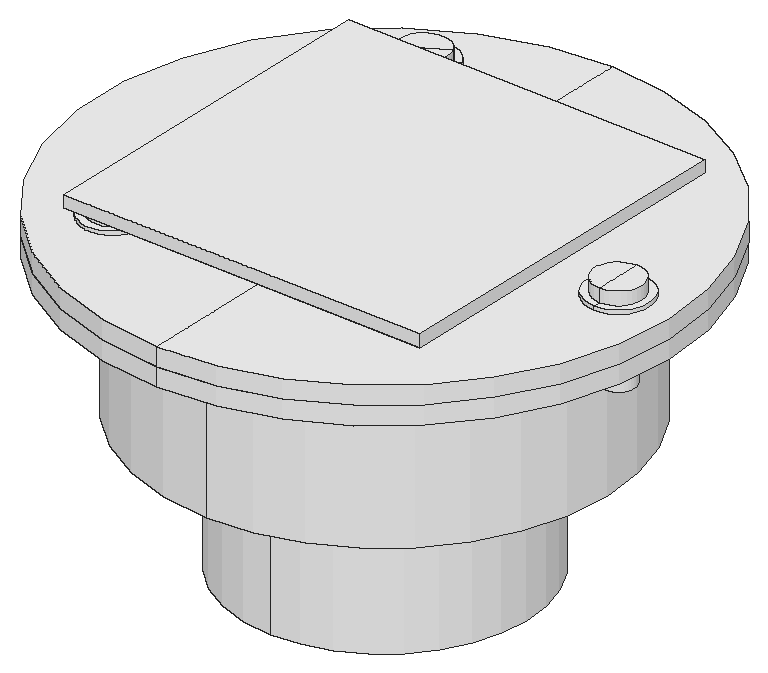
Revit family "F1100-C-S", category Plumbing Fixtures, host Face, Revit 2017
Family settings
  Host = Face
  Round Connector Dimension = Use Radius
  Part Type = Normal
  Cut with Voids When Loaded = No
  Shared = No
  Room Calculation Point = No
Parameters (values of type "5" X 5"  Strainer - 4" Drain")
  WFU = 0
  URL = "WWW.MIFAB.COM"
  Top Width = 0' - 5"
  Top Length = 0' - 5"
  Strainer Diameter = 0' - 6 15/16"
  Strainer Adjustment [instance] = 0' - 0 5/8"
  Pipe Radius = Pipe Diameter / 2  # 0' - 2"
  Pipe Diameter = 0' - 4"
  Model = "F1100-C-S"
  Manufacturer = "MIFAB"
  Floor Drain Material = Paint - Sherwin Williams Paint - #952C2A - Bellwood Red
  Domestic Cold Water Radius = 0' - 0 1/4"
  Domestic Cold Water Diameter = Domestic Cold Water Radius * 2  # 0' - 0 1/2"
  Description = "SQUARE FLOOR DRAIN"
  Default Elevation = 0' - 0"
  CWFU = 0
  Body Height = 0' - 4 1/4"
  Assembly Code = ""
Types (21): name | Top Width | Top Length | Strainer Adjustment | Pipe Radius | Pipe Diameter
  (no name) | 0' - 5" | 0' - 5" | 0' - 0 5/8" | 0' - 2" | 0' - 4"
  5" X 5"  Strainer - 2" Drain | 0' - 5" | 0' - 5" | 0' - 0 5/8" | 0' - 1" | 0' - 2"
  8" X 8"  Strainer - 3" Drain | 0' - 8" | 0' - 8" | 0' - 1 1/4" | 0' - 1 1/2" | 0' - 3"
  8" X 8"  Strainer - 5" Drain | 0' - 8" | 0' - 8" | 0' - 1 1/4" | 0' - 2 1/2" | 0' - 5"
  8" X 8"  Strainer - 6" Drain | 0' - 8" | 0' - 8" | 0' - 1 1/4" | 0' - 3" | 0' - 6"
  5" X 5"  Strainer - 6" Drain | 0' - 5" | 0' - 5" | 0' - 0 5/8" | 0' - 3" | 0' - 6"
  6" X 6"  Strainer - 6" Drain | 0' - 6" | 0' - 6" | 0' - 0 7/8" | 0' - 3" | 0' - 6"
  5" X 5"  Strainer - 3" Drain | 0' - 5" | 0' - 5" | 0' - 0 5/8" | 0' - 1 1/2" | 0' - 3"
  5" X 5"  Strainer - 4" Drain | 0' - 5" | 0' - 5" | 0' - 0 5/8" | 0' - 2" | 0' - 4"
  5" X 5"  Strainer - 5" Drain | 0' - 5" | 0' - 5" | 0' - 0 5/8" | 0' - 2 1/2" | 0' - 5"
  8" X 8"  Strainer - 2" Drain | 0' - 8" | 0' - 8" | 0' - 1 1/4" | 0' - 1" | 0' - 2"
  6" X 6"  Strainer - 3" Drain | 0' - 6" | 0' - 6" | 0' - 0 7/8" | 0' - 1 1/2" | 0' - 3"
  6" X 6"  Strainer - 4" Drain | 0' - 6" | 0' - 6" | 0' - 0 7/8" | 0' - 2" | 0' - 4"
  6" X 6"  Strainer - 5" Drain | 0' - 6" | 0' - 6" | 0' - 0 7/8" | 0' - 2 1/2" | 0' - 5"
  6" X 6"  Strainer - 2" Drain | 0' - 6" | 0' - 6" | 0' - 0 7/8" | 0' - 1" | 0' - 2"
  10" X 10"  Strainer - 2" Drain | 0' - 10" | 0' - 10" | 0' - 1 1/4" | 0' - 1" | 0' - 2"
  10" X 10"  Strainer - 3" Drain | 0' - 10" | 0' - 10" | 0' - 1 1/4" | 0' - 1 1/2" | 0' - 3"
  8" X 8"  Strainer - 4" Drain | 0' - 8" | 0' - 8" | 0' - 1 1/4" | 0' - 2" | 0' - 4"
  10" X 10"  Strainer - 4" Drain | 0' - 10" | 0' - 10" | 0' - 1 1/4" | 0' - 2" | 0' - 4"
  10" X 10"  Strainer - 5" Drain | 0' - 10" | 0' - 10" | 0' - 1 1/4" | 0' - 2 1/2" | 0' - 5"
  10" X 10"  Strainer - 6" Drain | 0' - 10" | 0' - 10" | 0' - 1 1/4" | 0' - 3" | 0' - 6"
Reference planes (in)
  plane 1 "Center (Front/Back)": y = 0
  plane 2: z = 0
  plane 3 "Center (Left/Right)": x = 0
  plane 4: z = -4.875
  plane 5: z = -0.625
  plane 6: z = 0
  plane 7: y = -3.46875
  plane 8: y = 3.46875
  plane 9: y = 4
  plane 10: y = -4
  plane 11: y = -2
  plane 12: y = 2
  plane 13: x = -2.5
  plane 14: x = 2.5
  plane 15: z = -0.26875
  plane 16: z = -0.625
  plane 17: z = -4.875
  plane 18: z = -0.16875
  plane 19: y = 2.5
  plane 20: y = -2.5
  plane 21: x = 4
  plane 22: x = -4.0364
Forms (in)
  Revolve 1, solid, material "Paint - Sherwin Williams Paint - #952C2A - Bellwood Red" <- "Floor Drain Material"
    sketch origin (0, 0.04396, 0) x (0, 1, 0) y (0, 0, 1)
      loop
        line (-2.97169, -0.625) -> (-4.04396, -0.625) -> (-4.04396, -0.88552) -> (-3.51271, -0.88552) -> (-3.16896, -1.28095) -> (-3.16896, -2.9118) -> (-2.04396, -3.49988) -> (-2.04396, -4.875) -> (-1.79396, -4.875) -> (-1.79396, -3.41404) -> (-2.97169, -2.57787) -> (-2.97169, -0.625)
      axis (-0.04396, -0.625) -> (-0.04396, -4.875)
    angle from 0 to 360
  Revolve 2, solid, material "Paint - Sherwin Williams Paint - #952C2A - Bellwood Red" <- "Floor Drain Material"
    sketch origin (3.23224, 3.35604, 1.30859) x (0, 1, 0) y (0, 0, 1)
      loop
        line (-3.29765, -1.45181) -> (-3.62527, -1.45181) -> (-3.62527, -1.63302) -> (-3.72878, -1.63302) -> (-3.72878, -1.68359) -> (-3.52524, -1.68359) -> (-3.52524, -2.77451) -> (-3.29765, -2.77451) -> (-3.29765, -1.45181)
      axis (-3.29765, -1.45181) -> (-3.29765, -2.77451)
    angle from 0 to 360
  Revolve 3, solid, material "Paint - Sherwin Williams Paint - #952C2A - Bellwood Red" <- "Floor Drain Material"
    sketch origin (0.66444, -3.66593, 1.30859) x (0.866025, -0.5, 0) y (0, 0, 1)
      loop
        line (-3.29765, -1.48102) -> (-3.62527, -1.48102) -> (-3.62527, -1.63302) -> (-3.72878, -1.63302) -> (-3.72878, -1.68359) -> (-3.52524, -1.68359) -> (-3.52524, -2.77451) -> (-3.29765, -2.77451) -> (-3.29765, -1.48102)
      axis (-3.29765, -1.48102) -> (-3.29765, -2.77451)
    angle from 0 to 360
  Revolve 4, solid, material "Paint - Sherwin Williams Paint - #952C2A - Bellwood Red" <- "Floor Drain Material"
    sketch origin (-4.52254, 1.12118, 1.30859) x (-0.866025, -0.5, 0) y (0, 0, 1)
      loop
        line (-3.29765, -1.48102) -> (-3.62527, -1.48102) -> (-3.62527, -1.63302) -> (-3.72878, -1.63302) -> (-3.72878, -1.68359) -> (-3.52524, -1.68359) -> (-3.52524, -2.77451) -> (-3.29765, -2.77451) -> (-3.29765, -1.48102)
      axis (-3.29765, -1.48102) -> (-3.29765, -2.77451)
    angle from 0 to 360
  Blend 5, solid, material "Paint - Sherwin Williams Paint - #952C2A - Bellwood Red" <- "Floor Drain Material"
    base sketch origin (0, 0, 0) x (1, 0, 0) y (0, 1, 0)
      loop
        arc (-0.84483, 1.68967) -> (-1.8891, 0) -> (-0.84483, -1.68967) r 1.8891
        arc (-0.84483, -1.68967) -> (0, -1.8891) -> (0.84483, -1.68967) r 1.8891
        arc (0.84483, -1.68967) -> (1.8891, 0) -> (0.84483, 1.68967) r 1.8891
        arc (0.84483, 1.68967) -> (0, 1.8891) -> (-0.84483, 1.68967) r 1.8891
    top sketch origin (0, 0, 0) x (1, 0, 0) y (0, 1, 0)
      loop
        line (-2.5, 2.5) -> (-2.5, -2.5) -> (2.5, -2.5) -> (2.5, 2.5) -> (-2.5, 2.5)
    from -0.26875 to -0.16875
  Extrusion 6, solid, material "Paint - Sherwin Williams Paint - #952C2A - Bellwood Red" <- "Floor Drain Material"
    sketch origin (0, 0, 0) x (1, 0, 0) y (0, 1, 0)
      loop
        line (-2.5, 2.5) -> (-2.5, -2.5) -> (2.5, -2.5) -> (2.5, 2.5) -> (-2.5, 2.5)
    from -0.16875 to 0
  Revolve 7, solid, material "Paint - Sherwin Williams Paint - #952C2A - Bellwood Red" <- "Floor Drain Material"
    sketch origin (0, 0, 0) x (0, 1, 0) y (0, 0, 1)
      loop
        line (4, -0.625) -> (4, -0.375) -> (1.07437, -0.375) -> (1.07437, -0.26875) -> (1.03263, -0.26875) -> (1.03263, -0.625) -> (4, -0.625)
      axis (0, -0.625) -> (0, -0.26875)
    angle from 0 to 360
Dimensions and locks (in)
  "Body Height": plane 5 to plane 4
  "Strainer Adjustment": plane 6 to plane 5
  equal spacing: plane 8, plane 1 "Center (Front/Back)", plane 7
  "Strainer Diameter": plane 8 to plane 7
  equal spacing: plane 9, plane 1 "Center (Front/Back)", plane 10
  plane 9 to plane 10 = 0' - 8"
  equal spacing: plane 12, plane 1 "Center (Front/Back)", plane 11
  "Pipe Diameter": plane 12 to plane 11
  "Pipe Radius": plane 1 "Center (Front/Back)" to plane 11
  equal spacing: plane 13, plane 3 "Center (Left/Right)", plane 14
  "Top Length": plane 13 to plane 14
  "Strainer Adjustment": level to plane 16
  "Body Height": plane 16 to plane 17
  level to plane 18 to plane 15 = 0' - 0.16875" locked, 0' - 0.1" locked
  equal spacing: plane 19, plane 1 "Center (Front/Back)", plane 20
  "Top Width": plane 19 to plane 20
  plane 22 to plane 21 = 0' - 8.0364"
  Revolve 1 sketch curve to Revolve 1 sketch curve to plane 10 = 0' - 0.19727", 0' - 0 7/8"
  Revolve 7 sketch curve to Revolve 7 sketch curve to plane 1 "Center (Front/Back)" = 0' - 0.04174" locked, 0' - 1.03263" locked
  aligned and locked: plane 2 to host face
  aligned and locked: level to host face
  aligned and locked: plane 5 to Revolve 1 sketch curve
  aligned and locked: Revolve 1 sketch curve to plane 11
  aligned and locked: plane 10 to Revolve 1 sketch curve
  aligned and locked: host face to plane 6
  aligned and locked: Blend 5 to plane 15
  aligned and locked: plane 18 to Blend 5
  aligned and locked: plane 20 to Blend 5 sketch curve
  aligned and locked: Blend 5 sketch curve to plane 19
  aligned and locked: Extrusion 6 sketch curve to plane 13
  aligned and locked: Extrusion 6 sketch curve to Blend 5  (x2)
  aligned and locked: Extrusion 6 sketch curve to plane 19
  aligned and locked: Extrusion 6 to Blend 5
  aligned and locked: level to Extrusion 6
  aligned and locked: Revolve 7 sketch curve to plane 15
  aligned and locked: Revolve 7 sketch curve to plane 16
Automatic sketch dimensions
  host sketch curve to host sketch curve = 8' - 0"  (x2)
  plane 1 "Center (Front/Back)" to Blend 5 sketch curve = 0' - 0"
  Blend 5 sketch curve to plane 3 "Center (Left/Right)" = 0' - 0"
  Blend 5 sketch curve to Blend 5 sketch curve = 0' - 0"  (x5)
  Blend 5 sketch curve to plane 3 "Center (Left/Right)" = 0' - 0.84483"  (x2)
  plane 3 "Center (Left/Right)" to Blend 5 sketch curve = 0' - 0.84483"  (x2)
  Blend 5 sketch curve to plane 13 = 0' - 0"
  Blend 5 sketch curve to plane 14 = 0' - 0"
  plane 1 "Center (Front/Back)" to Revolve 2 sketch curve = 0' - 0.37274"
  Revolve 2 sketch curve to Revolve 2 sketch curve = 0' - 0.10351"
  Revolve 2 sketch curve to Revolve 2 sketch curve = 0' - 0.10003"
  Revolve 2 sketch curve to plane 1 "Center (Front/Back)" = 0' - 0.05839"
  Revolve 2 sketch curve to plane 16 = 0' - 0.84092"
  plane 16 to Revolve 2 sketch curve = 0' - 0 1/4"
  Revolve 2 sketch curve to Revolve 2 sketch curve = 0' - 0.05057"
  Revolve 2 sketch curve to Revolve 2 sketch curve = 0' - 0.18121"
  Revolve 2 sketch curve to Revolve 2 sketch curve = 0' - 0"  (x3)
  plane 16 to Revolve 3 sketch curve = 0' - 0.30057"
  Revolve 3 sketch curve to Revolve 3 sketch curve = 0' - 0.10351"
  Revolve 3 sketch curve to Revolve 3 sketch curve = 0' - 0.10003"
  Revolve 3 sketch curve to Revolve 3 sketch curve = 0' - 0.22759"
  Revolve 3 sketch curve to Revolve 3 sketch curve = 0' - 0.05057"
  Revolve 3 sketch curve to plane 16 = 0' - 0.84092"
  Revolve 3 sketch curve to Revolve 3 sketch curve = 0' - 0.152"
  Revolve 3 sketch curve to Revolve 3 sketch curve = 0' - 0"  (x2)
  Revolve 3 sketch curve to Revolve 3 sketch curve = 0' - 0.02921"
  plane 16 to Revolve 4 sketch curve = 0' - 0.30057"
  Revolve 4 sketch curve to Revolve 4 sketch curve = 0' - 0.10351"
  Revolve 4 sketch curve to Revolve 4 sketch curve = 0' - 0.10003"
  Revolve 4 sketch curve to Revolve 4 sketch curve = 0' - 0.22759"
  Revolve 4 sketch curve to Revolve 4 sketch curve = 0' - 0.05057"
  Revolve 4 sketch curve to plane 16 = 0' - 0.84092"
  Revolve 4 sketch curve to Revolve 4 sketch curve = 0' - 0.152"
  Revolve 4 sketch curve to Revolve 4 sketch curve = 0' - 0"  (x2)
  Revolve 4 sketch curve to Revolve 4 sketch curve = 0' - 0.02921"
  Revolve 7 sketch curve to plane 1 "Center (Front/Back)" = 0' - 0"
  Revolve 7 sketch curve to plane 9 = 0' - 0"
  Revolve 7 sketch curve to Revolve 7 sketch curve = 0' - 0 1/4"
  level to Revolve 7 sketch curve = 0' - 0.2"
  Revolve 7 sketch curve to Revolve 7 sketch curve = 0' - 1"
  Revolve 1 sketch curve to plane 7 = 0' - 0"
  Revolve 1 sketch curve to plane 4 = 0' - 0"  (x2)
  Revolve 1 sketch curve to plane 1 "Center (Front/Back)" = 0' - 0"
  Revolve 1 sketch curve to plane 11 = 0' - 0 1/4"
  plane 4 to Revolve 1 sketch curve = 0' - 1.37512"
  Revolve 1 sketch curve to Revolve 1 sketch curve = 0' - 0.08584"
  Revolve 1 sketch curve to Revolve 1 sketch curve = 0' - 0.58808"
  Revolve 1 sketch curve to Revolve 1 sketch curve = 0' - 0.33393"
  Revolve 1 sketch curve to plane 5 = 0' - 0.65595"
  Revolve 1 sketch curve to plane 5 = 0' - 0.26052"
  Revolve 1 sketch curve to plane 5 = 0' - 0 1/4"
  radius of Blend 5 sketch curve = 0' - 1.8891"
Connectors (in)
  piping at (0, 0, -4.875), diameter 4, driven by "Pipe Radius", driven by "WFU"
    settings: on Revolve 1, index 2, connector inside diameter 2", connector length 0' - 0", flow factor 0, pipe flow 0 GPM, pressure drop 0.00 psi, fitting loss kfactor 0, connector angle 0.00°, fixture units 0, engagement length 0' - 0", angle of deflection 0.00°, flow configuration 3, flow direction 2, fitting loss method 0, system type 16, joint type 0, gender type 0, connector reference index -1, connector utility 0, adjustable connector no, is connector primary yes, connector description "Sanitary Out"
